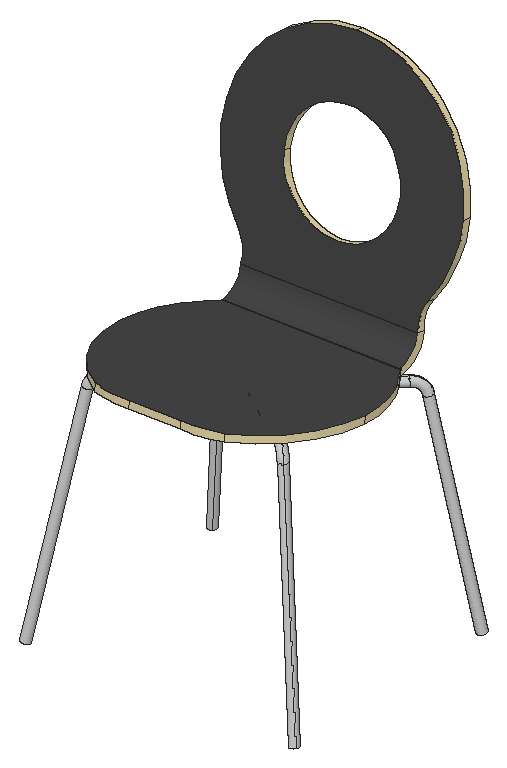
Revit family "Kurpie Chair IX", category Furniture, Revit 2020
Family settings
  OmniClass Number = 23.40.20.00
  OmniClass Title = General Furniture and Specialties
  Work Plane-Based = No
  Always vertical = Yes
  Cut with Voids When Loaded = No
  Shared = No
  Room Calculation Point = No
Parameters (values of type "Laminate, 4 leg")
  Width = 1' - 7 87/128"  # constant formula
  URL = ""
  UK Secondary Seat Count = 1
  UK Primary Seat Count = 1
  Type Comments = ""
  Stack Height = "8"  # constant formula
  Sled Base? [instance] = no
  Seat [instance] = Laminate, Formica, Black 909-42
  HS Seat Count = 1
  Frame [instance] = Frame, Chrome
  Edge [instance] = Kurpie Steam Bent Plywood
  ES Seat Count = 1
  Default Elevation = 0' - 0"
  Cost = 0
  Seat Height = 1' - 5 91/128"  # constant formula
  Product Page URL = ""
  Leg Base [instance] = not(Sled Base?)  # yes
  Model = "KU-STL-O01-90942"
  Manufacturer email = ""
  Manufacturer = ""
  Keynote = ""
  Height = 2' - 9 169/256"  # constant formula
  Description = ""
  Depth = 1' - 6 7/64"  # constant formula
  Back Finish [instance] = Laminate, Formica, Black 909-42
  Assembly Code = ""
Types (5): name | Sled Base? | Leg Base | Model
  (no name) | no | yes | "KU-STL-O01-90942"
  Laminate, 4 leg | no | yes | "KU-STL-O01-90942"
  Laminate, sled | yes | no | "KU-STS-O01-90942"
  Stain, 4 leg | no | yes | "KU-STL-O01-1.043"
  Stain, sled | yes | no | "KU-STS-O01-1.043"
Reference planes (in)
  plane 1 "Center Front/Back": y = 0
  plane 2: z = 0
  plane 3 "Center Left/Right": x = 0
  plane 4: x = -9.83984
  plane 5: x = 9.83984
  plane 6: y = 9.05469
  plane 7: y = -9.05469
  plane 8: z = 33.66016
  plane 9: z = 17.71094
  plane 10 "FrameLegLeft": through (-6.33117, -6.02882, 48) normal (-0.6561, 0.7547, 0)
  plane 11 "FrameLegRight": through (6.33117, -6.02882, 48) normal (-0.6561, -0.7547, 0)
Forms (in)
  Sweep 1, solid, material "Frame, Chrome" <- "Frame", visible <- "Sled Base?"
    path origin (0.26005, -0.29916, 0) x (-0.75471, -0.656059, 0) y (0, 0, 1)
      loop
        line (12.32562, 1.4645) -> (9.30077, 15.69531)
        arc (9.30077, 15.69531) -> (8.88694, 16.31295) -> (8.16119, 16.47428) r 1
        line (8.16119, 16.47428) -> (0, 15.13932)
    profile origin (-7.90077, -7.39325, 8.5799) x (0.738217, 0.641723, -0.207912) y (-0.656059, 0.75471, 0)
      loop
        circle (0.03603, 0.0179) r 0.3125
  Sweep 2, solid, material "Frame, Chrome" <- "Frame", visible <- "Sled Base?"
    path origin (0.88505, -0.45084, 0) x (-0.75471, 0.656059, 0) y (0, 0, -1)
      loop
        line (12.65115, -1.55337) -> (10.07523, -14.80534)
        arc (10.07523, -14.80534) -> (9.70926, -15.40254) -> (9.04126, -15.61316) r 1
        line (9.04126, -15.61316) -> (0, -15.13932)
    profile origin (-7.69085, 7.00408, 8.17935) x (-0.740843, 0.644005, 0.190809) y (-0.656059, -0.75471, 0)
      loop
        circle (0, 0.62938) r 0.31145
  Sweep 3, solid, material "Frame, Chrome" <- "Frame", visible <- "Leg Base"
    path origin (0.26005, -0.29916, 0) x (-0.75471, -0.656059, 0) y (0, 0, 1)
      loop
        line (12.63691, 0) -> (9.30077, 15.69531)
        arc (9.30077, 15.69531) -> (8.88694, 16.31295) -> (8.16119, 16.47428) r 1
        line (8.16119, 16.47428) -> (0, 15.13932)
    profile origin (-8.01823, -7.49536, 7.84765) x (0.738217, 0.641723, -0.207912) y (-0.656059, 0.75471, 0)
      loop
        circle (0.03603, 0.0179) r 0.3125
  Sweep 4, solid, material "Frame, Chrome" <- "Frame", visible <- "Leg Base"
    path origin (0.88505, -0.45084, 0) x (-0.75471, 0.656059, 0) y (0, 0, -1)
      loop
        line (12.95309, 0) -> (10.07523, -14.80534)
        arc (10.07523, -14.80534) -> (9.70926, -15.40254) -> (9.04126, -15.61316) r 1
        line (9.04126, -15.61316) -> (0, -15.13932)
    profile origin (-7.80479, 7.10313, 7.40267) x (-0.740843, 0.644005, 0.190809) y (-0.656059, -0.75471, 0)
      loop
        circle (0, 0.62938) r 0.31145
  Extrusion 5, solid, material "Frame, Chrome" <- "Frame", not visible
    sketch origin (0, 0, 0) x (1, 0, 0) y (0, 1, 0)
      loop
        line (-0.83957, 2.03392) -> (-0.83957, -2.03392) -> (0.83957, -2.03392) -> (0.83957, 2.03392) -> (-0.83957, 2.03392)
    from 14.71645 to 15.70239
  Sweep 6, solid, material "Frame, Chrome" <- "Frame", visible <- "Sled Base?"
    path origin (-0.07799, 0, -0.91325) x (0, 1, 0) y (0.139173, 0, 0.990268)
      loop
        arc (7.41694, 1.12187) -> (7.17335, 0.33738) -> (6.42439, 0) r 1
        line (6.42439, 0) -> (-7.41103, 0)
        arc (-7.41103, 0) -> (-8.17143, 0.35055) -> (-8.39872, 1.15643) r 1
    profile origin (-0.07799, -0.49332, -0.91325) x (-0.139173, 0, -0.990268) y (0.990268, 0, -0.139173)
      loop
        circle (0, -9.23023) r 0.3125
  Sweep 7, solid, material "Frame, Chrome" <- "Frame", visible <- "Sled Base?"
    path origin (-0.26005, -0.29916, 0) x (0.75471, -0.656059, 0) y (0, 0, -1)
      loop
        line (12.32562, -1.4645) -> (9.30077, -15.69531)
        arc (9.30077, -15.69531) -> (8.88694, -16.31295) -> (8.16119, -16.47428) r 1
        line (8.16119, -16.47428) -> (0, -15.13932)
    profile origin (7.90077, -7.39325, 8.5799) x (0.738217, -0.641723, 0.207912) y (0.656059, 0.75471, 0)
      loop
        circle (-0.03603, 0.0179) r 0.3125
  Sweep 8, solid, material "Frame, Chrome" <- "Frame", visible <- "Sled Base?"
    path origin (-0.88505, -0.45084, 0) x (0.75471, 0.656059, 0) y (0, 0, 1)
      loop
        line (12.65115, 1.55337) -> (10.07523, 14.80534)
        arc (10.07523, 14.80534) -> (9.70926, 15.40254) -> (9.04126, 15.61316) r 1
        line (9.04126, 15.61316) -> (0, 15.13932)
    profile origin (7.69085, 7.00408, 8.17935) x (-0.740843, -0.644005, -0.190809) y (0.656059, -0.75471, 0)
      loop
        circle (0, 0.62938) r 0.31145
  Sweep 9, solid, material "Frame, Chrome" <- "Frame", visible <- "Leg Base"
    path origin (-0.26005, -0.29916, 0) x (0.75471, -0.656059, 0) y (0, 0, -1)
      loop
        line (12.63691, 0) -> (9.30077, -15.69531)
        arc (9.30077, -15.69531) -> (8.88694, -16.31295) -> (8.16119, -16.47428) r 1
        line (8.16119, -16.47428) -> (0, -15.13932)
    profile origin (8.01823, -7.49536, 7.84765) x (0.738217, -0.641723, 0.207912) y (0.656059, 0.75471, 0)
      loop
        circle (-0.03603, 0.0179) r 0.3125
  Sweep 10, solid, material "Frame, Chrome" <- "Frame", visible <- "Leg Base"
    path origin (-0.88505, -0.45084, 0) x (0.75471, 0.656059, 0) y (0, 0, 1)
      loop
        line (12.95309, 0) -> (10.07523, 14.80534)
        arc (10.07523, 14.80534) -> (9.70926, 15.40254) -> (9.04126, 15.61316) r 1
        line (9.04126, 15.61316) -> (0, 15.13932)
    profile origin (7.80479, 7.10313, 7.40267) x (-0.740843, -0.644005, -0.190809) y (0.656059, -0.75471, 0)
      loop
        circle (0, 0.62938) r 0.31145
  Sweep 11, solid, material "Frame, Chrome" <- "Frame", visible <- "Sled Base?"
    path origin (0.07799, 0, -0.91325) x (0, 1, 0) y (0.139173, 0, -0.990268)
      loop
        arc (7.41694, -1.12187) -> (7.17335, -0.33738) -> (6.42439, 0) r 1
        line (6.42439, 0) -> (-7.41103, 0)
        arc (-7.41103, 0) -> (-8.17143, -0.35055) -> (-8.39872, -1.15643) r 1
    profile origin (0.07799, -0.49332, -0.91325) x (-0.139173, 0, 0.990268) y (-0.990268, 0, -0.139173)
      loop
        circle (0, -9.23023) r 0.3125
  Extrusion 12, solid
    sketch origin (0, 3.86808, 0.25637) x (1, 0, 0) y (0, 0.150743, 0.988573)
      loop
        arc (-0.00101, 33.59933) -> (-5.91638, 31.1498) -> (-8.36671, 25.23475) r 8.36458
        arc (-8.36671, 25.23475) -> (-7.9137, 22.43447) -> (-6.6009, 19.91984) r 8.8816
        arc (-6.6009, 19.91984) -> (-6.14029, 18.9444) -> (-6.09668, 17.86656) r 2.71006
        line (-6.09668, 17.86656) -> (6.09242, 17.86656)
        arc (6.09242, 17.86656) -> (6.13604, 18.9444) -> (6.59665, 19.91984) r 2.71007
        arc (6.59665, 19.91984) -> (7.90945, 22.43447) -> (8.36245, 25.23475) r 8.8816
        arc (8.36245, 25.23475) -> (5.91292, 31.14901) -> (-0.00101, 33.59933) r 8.36458
      loop
        circle (-0.00213, 25.23475) r 4
    from 0 to 0.5
  Extrusion 13, solid
    sketch origin (0, -2.21219, 0.00325) x (1, 0, 0) y (0, 0.996195, -0.087156)
      loop
        arc (1.76936, -8.2647) -> (3.13781, -8.191) -> (4.4569, -7.81938) r 6.21909
        arc (4.4569, -7.81938) -> (7.38261, -4.75512) -> (8.43086, -0.65016) r 8.36182
        arc (8.43086, -0.65016) -> (7.98321, 2.01571) -> (6.71847, 4.40479) r 8.47013
        arc (6.71847, 4.40479) -> (6.42534, 4.80999) -> (6.14937, 5.22706) r 11.98602
        line (6.14937, 5.22706) -> (-6.14937, 5.22706)
        arc (-6.14937, 5.22706) -> (-6.42534, 4.80999) -> (-6.71847, 4.40479) r 11.98602
        arc (-6.71847, 4.40479) -> (-7.98321, 2.01571) -> (-8.43086, -0.65016) r 8.47013
        arc (-8.43086, -0.65016) -> (-7.38261, -4.75512) -> (-4.4569, -7.81938) r 8.36182
        arc (-4.4569, -7.81938) -> (-3.13781, -8.191) -> (-1.76936, -8.2647) r 6.21909
        line (-1.76936, -8.2647) -> (1.76936, -8.2647)
    from 16.5 to 17
  Extrusion 14, solid
    sketch origin (0, 0, 0) x (0, 1, 0) y (0, 0, 1)
      loop
        line (6.56134, 17.91876) -> (6.06705, 17.99413)
        arc (6.06705, 17.99413) -> (5.53038, 16.96646) -> (4.47663, 16.48299) r 1.79053
        line (4.47663, 16.48299) -> (4.43305, 15.98489)
        arc (4.43305, 15.98489) -> (5.85745, 16.55536) -> (6.56134, 17.91876) r 2.19745
    from -6.09668 to 6.09242
Dimensions and locks (in)
  "Depth": plane 6 to plane 7
  equal spacing: plane 7, plane 1 "Center Front/Back", plane 6
  "Width": plane 4 to plane 5
  equal spacing: plane 4, plane 3 "Center Left/Right", plane 5
  "Height": plane 8 to level
  "Seat Height": plane 9 to level
  Extrusion 5 sketch curve to Extrusion 5 sketch curve = 0' - 4.06783"
  Extrusion 5 sketch curve to Extrusion 5 sketch curve = 0' - 1.67913"
  aligned and locked: level to plane 2
Automatic sketch dimensions
  Sweep 1 sketch curve to plane 9 = 0' - 1.23666"
  Sweep 1 sketch curve to Sweep 1 sketch curve = 0' - 0.16143"
  Sweep 1 sketch curve to plane 9 = 0' - 2 1/64"
  Sweep 1 sketch curve to Sweep 1 sketch curve = 0' - 0.97815"
  Sweep 1 sketch curve to plane 9 = 0' - 2.57161"
  Sweep 1 sketch curve to Sweep 1 sketch curve = 0' - 8.16119"
  level to Sweep 1 sketch curve = 0' - 1.4645"
  Sweep 1 sketch curve to Sweep 1 sketch curve = 0' - 3.02485"
  profile plane to Sweep 1 sketch curve = 0' - 0.0179"
  Sweep 1 sketch curve to profile plane = 0' - 0.03603"
  Sweep 2 sketch curve to plane 9 = 0' - 2.09778"
  Sweep 2 sketch curve to Sweep 2 sketch curve = 0' - 0.05234"
  Sweep 2 sketch curve to plane 9 = 0' - 2.9056"
  Sweep 2 sketch curve to Sweep 2 sketch curve = 0' - 0.98163"
  Sweep 2 sketch curve to plane 9 = 0' - 2.57161"
  Sweep 2 sketch curve to Sweep 2 sketch curve = 0' - 9.04126"
  level to Sweep 2 sketch curve = 0' - 1.55337"
  Sweep 2 sketch curve to Sweep 2 sketch curve = 0' - 2.57592"
  profile plane to Sweep 2 sketch curve = 0' - 0"
  profile plane to Sweep 2 sketch curve = 0' - 0.62938"
  level to Sweep 3 sketch curve = 0' - 0"
  Sweep 3 sketch curve to plane 9 = 0' - 1.23666"
  Sweep 3 sketch curve to Sweep 3 sketch curve = 0' - 0.16143"
  Sweep 3 sketch curve to plane 9 = 0' - 2 1/64"
  Sweep 3 sketch curve to Sweep 3 sketch curve = 0' - 0.97815"
  Sweep 3 sketch curve to plane 9 = 0' - 2.57161"
  Sweep 3 sketch curve to Sweep 3 sketch curve = 0' - 8.16119"
  Sweep 3 sketch curve to Sweep 3 sketch curve = 0' - 3.33614"
  profile plane to Sweep 3 sketch curve = 0' - 0.0179"
  Sweep 3 sketch curve to profile plane = 0' - 0.03603"
  Sweep 4 sketch curve to level = 0' - 0"
  Sweep 4 sketch curve to plane 9 = 0' - 2.09778"
  Sweep 4 sketch curve to Sweep 4 sketch curve = 0' - 0.05234"
  Sweep 4 sketch curve to plane 9 = 0' - 2.9056"
  Sweep 4 sketch curve to Sweep 4 sketch curve = 0' - 0.98163"
  Sweep 4 sketch curve to plane 9 = 0' - 2.57161"
  Sweep 4 sketch curve to Sweep 4 sketch curve = 0' - 9.04126"
  Sweep 4 sketch curve to Sweep 4 sketch curve = 0' - 2.87787"
  profile plane to Sweep 4 sketch curve = 0' - 0"
  profile plane to Sweep 4 sketch curve = 0' - 0.62938"
  Extrusion 5 sketch curve to plane 3 "Center Left/Right" = 0' - 0.83957"
  plane 3 "Center Left/Right" to Extrusion 5 sketch curve = 0' - 0.83957"
  plane 1 "Center Front/Back" to Extrusion 5 sketch curve = 0' - 2.03392"
  Extrusion 5 sketch curve to plane 1 "Center Front/Back" = 0' - 2.03392"
  Sweep 6 sketch curve to plane 7 = 0' - 1.64366"
  Sweep 6 sketch curve to plane 6 = 0' - 2.63029"
  Sweep 6 sketch curve to Sweep 6 sketch curve = 0' - 1"  (x2)
  Sweep 6 sketch curve to plane 7 = 0' - 0.65597"
  Sweep 6 sketch curve to Sweep 6 sketch curve = 0' - 0.99255"
  Sweep 6 sketch curve to profile plane = 0' - 0"
  Sweep 6 sketch curve to profile plane = 0' - 9.23023"
  Sweep 7 sketch curve to plane 9 = 0' - 1.23666"
  Sweep 7 sketch curve to Sweep 7 sketch curve = 0' - 0.16143"
  Sweep 7 sketch curve to plane 9 = 0' - 2 1/64"
  Sweep 7 sketch curve to Sweep 7 sketch curve = 0' - 0.97815"
  Sweep 7 sketch curve to plane 9 = 0' - 2.57161"
  Sweep 7 sketch curve to Sweep 7 sketch curve = 0' - 8.16119"
  level to Sweep 7 sketch curve = 0' - 1.4645"
  Sweep 7 sketch curve to Sweep 7 sketch curve = 0' - 3.02485"
  profile plane to Sweep 7 sketch curve = 0' - 0.0179"
  profile plane to Sweep 7 sketch curve = 0' - 0.03603"
  Sweep 8 sketch curve to plane 9 = 0' - 2.09778"
  Sweep 8 sketch curve to Sweep 8 sketch curve = 0' - 0.05234"
  Sweep 8 sketch curve to plane 9 = 0' - 2.9056"
  Sweep 8 sketch curve to Sweep 8 sketch curve = 0' - 0.98163"
  Sweep 8 sketch curve to plane 9 = 0' - 2.57161"
  Sweep 8 sketch curve to Sweep 8 sketch curve = 0' - 9.04126"
  level to Sweep 8 sketch curve = 0' - 1.55337"
  Sweep 8 sketch curve to Sweep 8 sketch curve = 0' - 2.57592"
  Sweep 8 sketch curve to profile plane = 0' - 0"
  profile plane to Sweep 8 sketch curve = 0' - 0.62938"
  level to Sweep 9 sketch curve = 0' - 0"
  Sweep 9 sketch curve to plane 9 = 0' - 1.23666"
  Sweep 9 sketch curve to Sweep 9 sketch curve = 0' - 0.16143"
  Sweep 9 sketch curve to plane 9 = 0' - 2 1/64"
  Sweep 9 sketch curve to Sweep 9 sketch curve = 0' - 0.97815"
  Sweep 9 sketch curve to plane 9 = 0' - 2.57161"
  Sweep 9 sketch curve to Sweep 9 sketch curve = 0' - 8.16119"
  Sweep 9 sketch curve to Sweep 9 sketch curve = 0' - 3.33614"
  profile plane to Sweep 9 sketch curve = 0' - 0.0179"
  profile plane to Sweep 9 sketch curve = 0' - 0.03603"
  Sweep 10 sketch curve to level = 0' - 0"
  Sweep 10 sketch curve to plane 9 = 0' - 2.09778"
  Sweep 10 sketch curve to Sweep 10 sketch curve = 0' - 0.05234"
  Sweep 10 sketch curve to plane 9 = 0' - 2.9056"
  Sweep 10 sketch curve to Sweep 10 sketch curve = 0' - 0.98163"
  Sweep 10 sketch curve to plane 9 = 0' - 2.57161"
  Sweep 10 sketch curve to Sweep 10 sketch curve = 0' - 9.04126"
  Sweep 10 sketch curve to Sweep 10 sketch curve = 0' - 2.87787"
  Sweep 10 sketch curve to profile plane = 0' - 0"
  profile plane to Sweep 10 sketch curve = 0' - 0.62938"
  Sweep 11 sketch curve to plane 7 = 0' - 1.64366"
  Sweep 11 sketch curve to plane 6 = 0' - 2.63029"
  Sweep 11 sketch curve to Sweep 11 sketch curve = 0' - 0"
  Sweep 11 sketch curve to Sweep 11 sketch curve = 0' - 1"
  Sweep 11 sketch curve to plane 7 = 0' - 0.65597"
  Sweep 11 sketch curve to Sweep 11 sketch curve = 0' - 0.99255"
  Sweep 11 sketch curve to profile plane = 0' - 0"
  Sweep 11 sketch curve to profile plane = 0' - 9.23023"
  Extrusion 13 sketch curve to plane 4 = 0' - 6.44123"
  plane 4 to Extrusion 13 sketch curve = 0' - 3.69048"
  Extrusion 13 sketch curve to plane 3 "Center Left/Right" = 0' - 2.12118"
  Extrusion 13 sketch curve to plane 3 "Center Left/Right" = 0' - 1.76936"
  Extrusion 13 sketch curve to plane 3 "Center Left/Right" = 0' - 0.06919"
  Extrusion 13 sketch curve to Extrusion 13 sketch curve = 0' - 0.03008"  (x2)
  plane 3 "Center Left/Right" to Extrusion 13 sketch curve = 0' - 0.03912"
  plane 3 "Center Left/Right" to Extrusion 13 sketch curve = 0' - 1.76936"
  plane 3 "Center Left/Right" to Extrusion 13 sketch curve = 0' - 2.12118"
  plane 5 to Extrusion 13 sketch curve = 0' - 3.69048"
  Extrusion 13 sketch curve to plane 5 = 0' - 6.44123"
  Extrusion 13 sketch curve to Extrusion 13 sketch curve = 0' - 6.20914"
  Extrusion 13 sketch curve to Extrusion 13 sketch curve = 0' - 0"  (x4)
  Extrusion 13 sketch curve to Extrusion 13 sketch curve = 0' - 1.35367"
  Extrusion 13 sketch curve to Extrusion 13 sketch curve = 0' - 0.00066"  (x2)
  Extrusion 13 sketch curve to Extrusion 13 sketch curve = 0' - 7.28262"
  Extrusion 13 sketch curve to Extrusion 13 sketch curve = 0' - 6.40416"  (x2)
  Extrusion 13 sketch curve to Extrusion 13 sketch curve = 0' - 1.71239"
  Extrusion 13 sketch curve to Extrusion 13 sketch curve = 0' - 2.68753"
  plane 9 to Extrusion 14 sketch curve = 0' - 0.55355"
  Extrusion 14 sketch curve to plane 1 "Center Front/Back" = 0' - 4.29705"
  Extrusion 14 sketch curve to Extrusion 14 sketch curve = 0' - 0.08263"
  Extrusion 14 sketch curve to plane 9 = 0' - 1.22795"
  Extrusion 14 sketch curve to Extrusion 14 sketch curve = 0' - 0.09695"
  plane 9 to Extrusion 14 sketch curve = 0' - 0.2832"
  Extrusion 14 sketch curve to Extrusion 14 sketch curve = 0' - 0.0828"
  Extrusion 14 sketch curve to Extrusion 14 sketch curve = 0' - 0.04358"
  plane 9 to Extrusion 14 sketch curve = 0' - 0.20782"
  Extrusion 14 sketch curve to Extrusion 14 sketch curve = 0' - 0.49429"
  Extrusion 12 sketch curve to Extrusion 12 sketch curve = 0' - 0"  (x6)
  plane 4 to Extrusion 12 sketch curve = 0' - 1.06768"
  Extrusion 12 sketch curve to Extrusion 12 sketch curve = 0' - 2.67549"
  Extrusion 12 sketch curve to plane 3 "Center Left/Right" = 0' - 0.51915"
  Extrusion 12 sketch curve to plane 3 "Center Left/Right" = 0' - 0.00213"
  plane 3 "Center Left/Right" to Extrusion 12 sketch curve = 0' - 0.51489"
  plane 5 to Extrusion 12 sketch curve = 0' - 3.74742"
  plane 5 to Extrusion 12 sketch curve = 0' - 1.07194"
  Extrusion 12 sketch curve to Extrusion 12 sketch curve = 0' - 0.43153"  (x2)
  Extrusion 12 sketch curve to Extrusion 12 sketch curve = 0' - 7.36819"
  plane 4 to Extrusion 12 sketch curve = 0' - 1.47313"
  Extrusion 12 sketch curve to plane 3 "Center Left/Right" = 0' - 0.00101"
  radius of Sweep 1 sketch curve = 0' - 0 5/16"
  radius of Sweep 2 sketch curve = 0' - 0.31145"
  radius of Sweep 3 sketch curve = 0' - 0 5/16"
  radius of Sweep 4 sketch curve = 0' - 0.31145"
  radius of Sweep 6 sketch curve = 0' - 0 5/16"
  radius of Sweep 7 sketch curve = 0' - 0 5/16"
  radius of Sweep 8 sketch curve = 0' - 0.31145"
  radius of Sweep 9 sketch curve = 0' - 0 5/16"
  radius of Sweep 10 sketch curve = 0' - 0.31145"
  radius of Sweep 11 sketch curve = 0' - 0 5/16"
  radius of Extrusion 12 sketch curve = 0' - 4"
